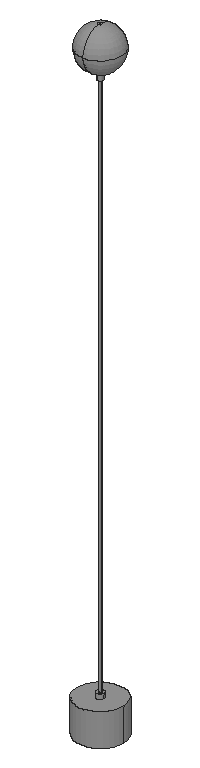
Revit family "Pearl Single 5W", category Lighting Fixtures, host Face, Revit 2017
Family settings
  Host = Face
  Round Connector Dimension = Use Diameter
  Part Type = Normal
  OmniClass Number = 23.80.70.11.11
  OmniClass Title = General Luminaries, Non Directional
  Cut with Voids When Loaded = No
  Light Source = No
  Shared = No
  Room Calculation Point = No
Parameters (values of type "Pearl Single 5W, Neutral White, 230V - 53SI995N005J")
  Wattage Comments = "5W"
  Voltage = 230 V
  URL = "www.winled.fi"
  Type Image = Pearl Single .png
  Light source = Pearl light NV : Pearl light NV
  Length [instance] = if(length < 100 mm, 100 mm, (if(length > 1500 mm, 1500 mm, length)))  # 1000 mm
  length [instance] = 1000 mm
  Product Number = "53SI995N005J"
  Position Number = ""
  Operating Temperature Range = "-20° to +50°"
  Model = "Pear Single 5W"
  Manufacturer = "Winled Oy Ltd"
  Luminaire Angle Install [instance] = if(Luminaire Angle Input < -90.00°, -90.00°, (if(Luminaire Angle Input > 90.00°, 90.00°, Luminaire Angle Input)))  # 0.00°
  Luminaire Angle Input [instance] = 0.00°
  Lumens Output = "488lm"
  Lifetime L70 = "50000h"
  Last Updated = "8.3.2017"
  Lamp = "LED"
  IP Code = "IP20"
  Housing Material = "Aluminium"
  Driver = "Integrated"
  Directivity = "No"
  Dimmable = "Yes"
  Dimensions = "86mm x 1600mm"
  Description = "Pendant Light"
  Depth = "-"
  Default Elevation = 1219.2 mm
  Cutout = "-"
  Color Temperature = "4000K"
  Casing Color = "White"
  CRI = "82"
  Beam Angle = "160°"
Types (3, lengths in mm): name | Light source | Length | length | Product Number | Model | Lumens Output | Color Temperature | Beam Angle
  (no name) | Pearl light NV : Pearl light NV | 1000 | 1000 | "53SI995N005J" | "Pear Single 5W" | "488lm" | "4000K" | "160°"
  Pearl Single 5W, Neutral White, 230V - 53SI995N005J | Pearl light NV : Pearl light NV | 1000 | 1000 | "53SI995N005J" | "Pear Single 5W" | "488lm" | "4000K" | "160°"
  Pearl Single 5W, Warm White, 230V - 53SI995L005J | Pearl light LV : Pearl light LV | 1200 | 1200 | "53SI995L005J" | "Pearl Single 5W" | "388lm" | "3000K" | "90°"
Reference planes
  plane 1 "Center (Front/Back)": y = 0
  plane 2: z = 0
  plane 3 "Center (Left/Right)": x = 0
Lines and regions (mm)
  symbolic lines
    curve 1: circle (0, 0, 0) r 43 normal (0, 0, 1)
    curve 2: line (-30.406, -30.406, 0) -> (30.406, 30.406, 0)
    curve 3: line (30.406, -30.406, 0) -> (-30.406, 30.406, 0)
Dimensions and locks
  aligned and locked: plane 2 to host face
  aligned and locked: level to host face
Nested families
  nested 1: "Pearl 5W model" at (0, 0, 0), Length <- "Length", Luminaire Angle <- "Luminaire Angle Install", type "Pearl 5W model"
    with length 1000 mm, k1 45.00°, Luminaire Angle 0.00°, Length 1000 mm
  nested 2: "Pearl light NV" at (-0.001, -0.004, 1160.063) x (-1, 0, 0) z (0, 0, 1), type <- "Light source", type "Pearl light NV"
Definition of nested family "Pearl 5W model"
  Parameters (values of type "Pearl 5W model")
    Length [instance] = 1200 mm
    k1 [instance] = if(Luminaire Angle < -90.00°, -45.00°, (if(Luminaire Angle > 90.00°, 135.00°, Luminaire Angle + 45.00°)))  # 45.00°
    length [instance] = 1000 mm
    Luminaire Angle [instance] = 0.00°
  Reference planes
    plane 1 "Center (Front/Back)": y = 0
    plane 2: z = 0
    plane 3 "Center (Left/Right)": x = 0
  Forms (mm)
    Extrusion 1, solid
      sketch origin (0, 0, 0) x (1, 0, 0) y (0, 1, 0)
        loop
          circle (0, 0) r 43
      from 0 to 60
    Extrusion 2, solid
      sketch origin (0, 0, 0) x (1, 0, 0) y (0, 1, 0)
        loop
          circle (0, 0) r 6.6
      from 67.5 to 60
    Revolve 3, solid
      sketch origin (0, 0, 67.5) x (-0.707107, 0, 0.707107) y (-0.707107, 0, -0.707107)
        loop
          line (-3.926, 1.097) -> (0.398, -3.227) -> (1.812, -1.812) -> (-2.511, 2.511) -> (-3.926, 1.097)
        axis (-2.511, 2.511) -> (1.812, -1.812)
      angle from 0 to 360
    Extrusion 4, solid
      sketch origin (0, 0, 70.063) x (1, 0, 0) y (0, 1, 0)
        loop
          circle (0, 0) r 2.001
      from 0 to 1200 <- "Length"
  Lines and regions (mm)
    reference lines
      curve 1: line (-6.6, 0, 67.5) -> (0, 0, 67.5)
      curve 2: line (0, 0, 67.5) -> (-65.327, 0, 132.827)
    model lines, detail levels coarse
      curve 3: line (-43.149, 0, 110.649) -> (35.676, 0, 110.649)
  Dimensions and locks
    "k1": angle curve 1 to curve 2
    aligned and locked: level to plane 2
    aligned and locked: plane 3 "Center (Left/Right)" to curve 2
    aligned and locked: curve 2 to curve 3
  Automatic sketch dimensions
    plane 1 "Center (Front/Back)" to Extrusion 1 sketch curve = 0 mm
    Extrusion 1 sketch curve to plane 3 "Center (Left/Right)" = 0 mm
    plane 1 "Center (Front/Back)" to Extrusion 2 sketch curve = 0 mm
    Extrusion 2 sketch curve to plane 3 "Center (Left/Right)" = 0 mm
    Revolve 3 sketch curve to curve 2 = 1.097 mm
    Revolve 3 sketch curve to curve 2 = 3.926 mm
    Revolve 3 sketch curve to Revolve 3 sketch curve = 1.415 mm
    curve 2 to Revolve 3 sketch curve = 0.398 mm
    curve 2 to Revolve 3 sketch curve = 1.812 mm
    Revolve 3 sketch curve to curve 2 = 0.35 mm  (x2)
    curve 2 to Revolve 3 sketch curve = 19.013 mm  (x2)
    curve 2 to curve 3 = 5.284 mm
    curve 3 to curve 2 = 31.365 mm
    curve 3 to curve 2 = 55.738 mm
    level to curve 1 = 67.5 mm
    radius of Extrusion 1 sketch curve = 43 mm
    radius of Extrusion 2 sketch curve = 6.6 mm
    radius of Extrusion 4 sketch curve to Revolve 3 = 0 mm
  Nested families
    nested 1: "Pearl" at (0, 0, 1270.063) x (-1, 0, 0) z (0, 0, 1), type "Pearl"
  Definition of nested family "Pearl"
    Parameters (values of type "Pearl")
      Default Elevation = 1219.2 mm
    Reference planes
      plane 1 "Center (Front/Back)": y = 0
      plane 2: z = 0
      plane 3 "Center (Left/Right)": x = 0
    Forms (mm)
      Extrusion 1, solid
        sketch origin (0, 0, 0) x (1, 0, 0) y (0, 1, 0)
          loop
            line (-1219.2, 1219.2) -> (-1219.2, -1219.2) -> (1219.2, -1219.2) -> (1219.2, 1219.2) -> (-1219.2, 1219.2)
        from 0 to -304.8
      Revolve 2, solid
        sketch origin (0, 0, 0) x (0, 1, 0) y (0, 0, 1)
          loop
            line (0, 0) -> (0, 51) -> (0, 90) -> (-1, 90) -> (-4.096, 89.784)
            arc (-4.096, 89.784) -> (-28.989, 77.089) -> (-39, 51) r 39
            arc (-39, 51) -> (-29.292, 25.251) -> (-5, 12.322) r 39
            line (-5, 12.322) -> (-5, 0) -> (0, 0)
          axis (0, 0) -> (0, 90)
        angle from 0 to 360
    Dimensions and locks
      aligned and locked: plane 2 to Extrusion 1
      aligned and locked: level to Extrusion 1
Definition of nested family "Pearl light NV"
  Parameters (values of type "Pearl light NV")
    Wattage = 5 W
    built-in parameter 1150110 = 1 (stored number, unit not read)
    built-in parameter 1114217 = 1 (stored number, unit not read)
    Tilt Angle = -90.00°
    built-in parameter 1150109 = 1 (stored number, unit not read)
    built-in parameter 1150134 = 12
    built-in parameter 1150113 = 1 (stored number, unit not read)
    Photometric Web File = "Pearl single NV.ies"
    built-in parameter 1150105 = 38.834 (stored number, unit not read)
    Lumens = 488 lm
    built-in parameter 1150115 = 1 (stored number, unit not read)
    built-in parameter 1150137 = (empty or 0)
    built-in parameter 1150139 = (empty or 0)
    built-in parameter 1150112 = 1 (stored number, unit not read)
    built-in parameter 1150114 = 1 (stored number, unit not read)
    built-in parameter 1150132 = (empty or 0)
    built-in parameter 1150102 = (empty or 0)
    built-in parameter 1150107 = 4000 (stored number, unit not read)
    built-in parameter 1150138 = (empty or 0)
    built-in parameter 1150106 = 0.38834 (stored number, unit not read)
    built-in parameter 1150104 = 9.0673 (stored number, unit not read)
    Dimming Lamp Color Temperature Shift = (empty or 0)
    Default Elevation = 1219.2 mm
    Color Filter = 16777215
    built-in parameter 1114218 = 1 (stored number, unit not read)
    built-in parameter 1150133 = 10 (stored number, unit not read)
  Reference planes
    plane 1 "Center (Front/Back)": y = 0
    plane 2: z = 0
    plane 3 "Center (Left/Right)": x = 0
  Forms (mm)
    Extrusion 1, solid
      sketch origin (0, 0, 0) x (1, 0, 0) y (0, 1, 0)
        loop
          line (-1219.2, 1219.2) -> (-1219.2, -1219.2) -> (1219.2, -1219.2) -> (1219.2, 1219.2) -> (-1219.2, 1219.2)
      from 0 to -304.8
  Dimensions and locks
    aligned and locked: plane 2 to Extrusion 1
    aligned and locked: level to Extrusion 1
